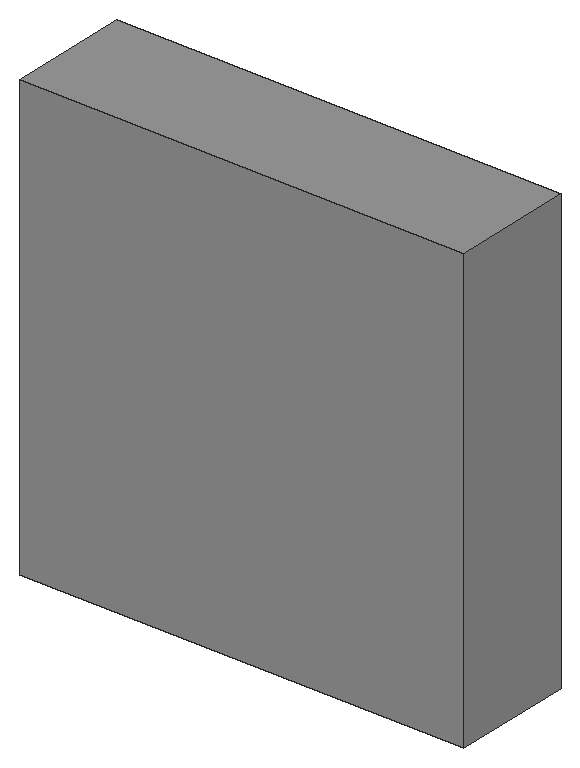
Revit family "KG_Antennenverteiler_V1700", category Kommunikationsgeräte, Revit 2017
Family settings
  Beschriftungsausrichtung beibehalten = Nein
  Bemaßung runder Anschluss = Durchmesser verwenden
  Teiletyp = Normal
  OmniClass-Nummer = 23.85.10.00
  OmniClass-Titel = General Information Systems
  Arbeitsebenenbasiert = Nein
  Immer vertikal = Ja
  Beim Laden mit Abzugskörper schneiden = Ja
  Gemeinsam genutzt = Nein
  Raumberechnungspunkt = Nein
Parameters (values of type "Antennenverteiler")
  pbr_Material_KZ = ""
  pbr_Material = none
  pbr_E_Typ = ""
  pbr_E_KZ = ""
  pbr_DINBild = 0
  pbr_Bild = 0
  pbr_3Dx_Delta_Korrekturversatz [instance] = 0 mm
  pbr_3DX_Versatzfaktor [instance] = 0
  pbr_2DY_Versatzfaktor [instance] = 0
  pbr_2DX_Versatzfaktor [instance] = 0
  lfd_STRK [instance] = 0
  cpiFitMatchKey [instance] = "E-ZK VS A"
  Zentrale [instance] = ""
  Winkel = 90.00°
  Typ [instance] = ""
  Tiefe = 37 mm
  Text3 [instance] = ""
  Text2 [instance] = ""
  Text1 [instance] = ""
  Planungsbüro Rohling = "www.pbr.de"
  Netzart = ""
  Menge(Dosenzahl) [instance] = 0
  Länge = 135 mm
  Linie/Anschluss [instance] = ""
  Linie [instance] = ""
  Lastklassifizierung = none
  Installationsart [instance] = ""
  Info [instance] = ""
  Gewerk [instance] = "ANT"
  Eckversatz [instance] = 0 mm
  YFrontversatz [instance] = if(pbr_2DY_Versatzfaktor = 300, 0 mm, pbr_2DY_Versatzfaktor * 300 mm)  # 0 mm
  XSeitenversatz [instance] = if(pbr_2DX_Versatzfaktor = 0, 3000 mm, 3000 mm + (pbr_2DX_Versatzfaktor * 300 mm)) + Eckversatz  # 3000 mm
  X3Dversatz [instance] = if([3DX_Versatzkontrolle] = 0, 2000 mm, 2000 mm + ([3DX_Versatzkontrolle] * (300 mm - Breite))) + pbr_3Dx_Delta_Korrekturversatz  # 2000 mm
  Niveau [instance] = 1200 mm
  Bus [instance] = ""
  Breite = 135 mm
  Betriebsstrom ruhe [instance] = 0
  Betriebsstrom max [instance] = 0
  Antennenverteiler = yes
  3DX_Versatzkontrolle [instance] = if(pbr_3DX_Versatzfaktor = 0, (pbr_2DX_Versatzfaktor * -1), (((-1 * pbr_3DX_Versatzfaktor) + pbr_2DX_Versatzfaktor) * -1))  # 0
  3DX_Versatz [instance] = 0 mm
Reference planes
  plane 1 "Mitte (Vorne/Hinten)": y = 0
  plane 2: z = 0
  plane 3 "Mitte (Links/Rechts)": x = 22.5
  plane 4: x = -127.5
  plane 5: x = 172.5
  plane 6: y = 300
  plane 7 "Schalterhinten": y = 0
  plane 8: x = -2977.5
  plane 9: x = 22.5
  plane 10: x = -1977.5
  plane 11: x = -45
  plane 12: x = 90
  plane 13: z = 1267.5
  plane 14: z = 1132.5
  plane 15 "SchalterVorne": y = 37
  plane 16 "3DMitte": x = 22.5
  plane 17 "Achse": z = 1200
  plane 18: z = 1225
  plane 19: z = 1175
  plane 20 "2DMitte": y = 150
Forms (mm)
  Extrusion 1, solid, material "Stahl, weich, geschweißt"
    sketch origin (0, 20, 0) x (0, 0, 1) y (-1, 0, 0)
      loop
        line (1132.5, 45) -> (1132.5, -90) -> (1267.5, -90) -> (1267.5, 45) -> (1132.5, 45)
    from -17 to 20
Dimensions and locks
  locked: plane 6 to plane 7 "Schalterhinten" at 300
  "XSeitenversatz": plane 8 to plane 9
  plane 8 to plane 3 "Mitte (Links/Rechts)" = 3000 mm
  "YFrontversatz": plane 1 "Mitte (Vorne/Hinten)" to plane 7 "Schalterhinten"
  "Breite": plane 12 to plane 11
  "Länge": plane 13 to plane 14
  plane 9 to plane 10 = 2000 mm
  equal spacing: plane 12, plane 16 "3DMitte", plane 11
  "X3Dversatz": plane 16 "3DMitte" to plane 10
  equal spacing: plane 13, plane 17 "Achse", plane 14
  "Niveau": plane 17 "Achse" to level
  "Tiefe": plane 15 "SchalterVorne" to plane 1 "Mitte (Vorne/Hinten)"
  plane 13 to plane 18 = 42.5 mm
  plane 19 to plane 14 = 42.5 mm
  equal spacing: plane 4, plane 9, plane 5, locked at 150 each
  locked: plane 4 to plane 5 at 300
  equal spacing: plane 6, plane 20 "2DMitte", plane 7 "Schalterhinten", locked at 150 each
  aligned and locked: level to plane 2
  aligned and locked: Extrusion 1 sketch curve to plane 14
  aligned and locked: Extrusion 1 sketch curve to plane 11
  aligned and locked: Extrusion 1 sketch curve to plane 13
  aligned and locked: plane 12 to Extrusion 1 sketch curve
  aligned and locked: plane 1 "Mitte (Vorne/Hinten)" to Extrusion 1
  aligned and locked: Extrusion 1 to plane 15 "SchalterVorne"
  aligned and locked: nested 1 to plane 9
  aligned and locked: nested 1 to plane 7 "Schalterhinten"
Nested families
  nested 1: "Antennenverteiler" at (22.5, 0, 0), visible <- "Antennenverteiler", Winkel <- "Winkel", type "Antennenverteiler"
    with Winkel 90.00°
Connectors
  electrical at (22.5, 0, 1200)
    settings: on Extrusion 1, index 1, voltage 0 V, apparent load 0 VA, apparent load phase1 0 VA, apparent load phase2 0 VA, apparent load phase3 0 VA, power factor 1, load classification "Sonstige", number of poles 1, system type 14, power factor state 1, is connector primary yes, connector utility no, sub classification motor no, connector description ""
Definition of nested family "Antennenverteiler"
  Parameters (values of type "Antennenverteiler")
    Winkel [instance] = 90.00°
  Reference planes
    plane 1 "Mitte (Vorne/Hinten)": y = 0
    plane 2: z = 0
    plane 3 "Mitte (Links/Rechts)": x = 0
  Lines and regions (mm)
    Filled region 1, type "Beton", in view "Referenzebene"
      outline origin (157.8, -1.446, 0) x (1, 0, 0) y (0, 1, 0)
        loop
          line (-268.604, 53.514) -> (-260.692, 80.796) -> (-230.49, 80.796) -> (-222.184, 53.495) -> (-211.21, 53.495) -> (-240.744, 143.681) -> (-251.027, 143.681) -> (-278.739, 53.514) -> (-268.604, 53.514)
        loop
          line (-232.843, 90.526) -> (-246.129, 134.2) -> (-257.913, 90.526) -> (-232.843, 90.526)
    Filled region 2, type "Beton", in view "Referenzebene"
      outline origin (157.8, -1.446, 0) x (1, 0, 0) y (0, 1, 0)
        loop
          line (-195.805, 53.469) -> (-195.805, 124.355) -> (-158.114, 53.469) -> (-148.114, 53.469) -> (-148.114, 143.673) -> (-157.291, 143.673) -> (-157.291, 72.842) -> (-195.18, 143.673) -> (-205.015, 143.673) -> (-205.015, 53.469) -> (-195.805, 53.469)
    Filled region 3, type "Beton", in view "Referenzebene"
      outline origin (157.8, -1.446, 0) x (1, 0, 0) y (0, 1, 0)
        loop
          line (-105.439, 133.014) -> (-81.568, 133.014) -> (-81.568, 143.657) -> (-138.84, 143.657) -> (-138.84, 133.014) -> (-114.988, 133.014) -> (-114.988, 53.478) -> (-105.439, 53.478) -> (-105.439, 133.014)
    Filled region 4, type "Beton", in view "Referenzebene"
      outline origin (157.8, -1.446, 0) x (1, 0, 0) y (0, 1, 0)
        loop
          line (-34.159, 133.077) -> (-78.898, 64.185) -> (-78.898, 53.536) -> (-21.783, 53.536) -> (-21.783, 64.185) -> (-67.983, 64.185) -> (-23.244, 133.077) -> (-23.244, 143.942) -> (-74.483, 143.942) -> (-74.483, 133.077) -> (-34.159, 133.077)
    detail lines, in view "Referenzebene"
      curve 1: line (-139.932, 0, 0) -> (157.513, 0, 0)
      curve 2: line (-139.932, 192.591, 0) -> (-139.932, 0, 0)
      curve 3: line (157.513, 192.591, 0) -> (-139.932, 192.591, 0)
      curve 4: line (157.513, 0, 0) -> (157.513, 192.591, 0)
      curve 5: line (-134.932, 5, 0) -> (152.513, 5, 0)
      curve 6: line (-134.932, 187.591, 0) -> (-134.932, 5, 0)
      curve 7: line (152.513, 187.591, 0) -> (-134.932, 187.591, 0)
      curve 8: line (152.513, 5, 0) -> (152.513, 187.591, 0)
